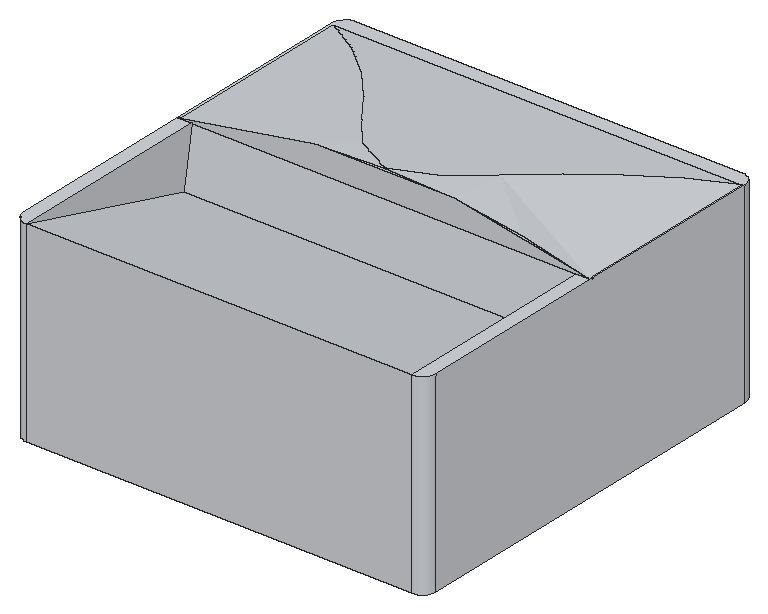
Revit family "2824201", category Lighting Fixtures, Revit 2017
Family settings
  Round Connector Dimension = Use Diameter
  Part Type = Normal
  OmniClass Number = 23.80.70.00
  OmniClass Title = Lighting
  Work Plane-Based = No
  Always vertical = Yes
  Cut with Voids When Loaded = No
  Light Source = Yes
  Shared = No
  Room Calculation Point = No
Parameters (values of type "2824201 MURO RECESSED SQUARE IP66 470LM 840 GR")
  Weight = "5.68 kg"
  Wattage = 9.2 W
  WarrantyStartDate [instance] = "n/a"
  WarrantyGuarantorParts = "n/a"
  WarrantyDurationUnit = "n/a"
  WarrantyDurationParts = "n/a"
  WarrantyDescription = "n/a"
  WIDTH_SYL = 92.5 mm
  built-in parameter 1150110 = 1 (stored number, unit not read)
  Voltage = 0 V
  URL = "http://www.sylvania-lighting.com"
  TypeName = "Muro Recessed Square IP66 470lm 840 Grey"
  built-in parameter 1114217 = 1 (stored number, unit not read)
  Tilt Angle = -90.00°
  built-in parameter 1150109 = 1 (stored number, unit not read)
  built-in parameter 1150134 = 12
  built-in parameter 1150113 = 1 (stored number, unit not read)
  SerialNumber [instance] = "n/a"
  PowerFactor = 0
  PowerConsumption = "9.2 W"
  Photometric Web File = "2824201_V2.IES"
  NominalWidth = 0 mm
  NominalLength = 185 mm
  NominalHeight = 100 mm
  Name = "Muro Recessed Square IP66 470lm 840 Grey"
  ModelReference = "Muro Recessed Square IP66 470lm 840 Grey"
  ModelNumber = "2824201"
  Model = "Muro Recessed Square IP66 470lm 840 Grey"
  Material_4_FEILO = none
  Material_3_FEILO = none
  Material_2_FEILO = none
  Material_1_FEILO = none
  Material = "n/a"
  ManufacturerName = "Feilo Sylvania"
  Manufacturer = "Feilo Sylvania"
  LuminousEfficacy = "51 lm/W"
  Lumens = 469.2 lm
  LuminaireType = ""
  built-in parameter 1150115 = 1 (stored number, unit not read)
  built-in parameter 1150105 = 377.52 (stored number, unit not read)
  LightOutputRatio = "n/a"
  built-in parameter 1150137 = (empty or 0)
  built-in parameter 1150139 = (empty or 0)
  LampsType = "LED"
  LampNominalLuminous = "470 lm"
  LampMacAdamStep = "3"
  LampColourTemperature = "4000 K"
  LampColourRenderingIndex = "80"
  built-in parameter 1150112 = 1 (stored number, unit not read)
  built-in parameter 1150114 = 1 (stored number, unit not read)
  Lamp = "LED"
  Keynote = "16500"
  InstallationDate [instance] = "n/a"
  InputVoltage = "n/a"
  InputNominalFrequency = "n/a"
  built-in parameter 1150132 = 2
  built-in parameter 1150102 = (empty or 0)
  built-in parameter 1150138 = (empty or 0)
  built-in parameter 1150107 = 4000 (stored number, unit not read)
  IngressProtection = "IP66"
  ImpactProtectionIndex = "IK08"
  built-in parameter 1150106 = 3.7752 (stored number, unit not read)
  IfcExportType = "IfcLightFixtureType"
  IfcExportAs = "IfcLightFixtureType"
  HEIGHT_SYL = 92.5 mm
  ElectricShockClassification = "Class I"
  built-in parameter 1150104 = 4.7381 (stored number, unit not read)
  DocumentationLiterature = "http://www.sylvania-lighting.com/product/en-int/products/2824201"
  DimmingControlOptions = "n/a"
  Dimming Lamp Color Temperature Shift = <None>
  Description = "-"
  DEPTH_SYL = 100 mm
  CreatedOn = "3/3/2021"
  CreatedBy = "@sylvania-lighting.com"
  Color Filter = 16777215
  ClassificationValue = "EF_70_80"
  ClassificationName = "Uniclass2015"
  CUT_WIDT_SYL = 4 mm
  CUT_DIST_SYL = 2 mm
  CUTDEPTH_SYL = 38 mm
  CHAMF_SYL = 6 mm
  BarCode [instance] = "n/a"
  built-in parameter 1114218 = 1 (stored number, unit not read)
  built-in parameter 1150133 = 10 (stored number, unit not read)
  AssetType = "Fixed"
  AssetIdentifier [instance] = "n/a"
  Assembly Code = "D5020200"
  Apparent Load = 9.2 VA
Types (2, lengths in mm): name | Wattage | TypeName | built-in parameter 1150134 | PowerConsumption | Photometric Web File | Name | ModelReference | ModelNumber | Model | LuminousEfficacy | Lumens | built-in parameter 1150105 | LampNominalLuminous | LampColourTemperature | built-in parameter 1150107 | built-in parameter 1150106 | built-in parameter 1150104 | DocumentationLiterature | Apparent Load
  2824200 MURO RECESSED SQUARE IP66 450LM 830 GR | 9.5 W | "Muro Recessed Square IP66 450lm 830 Grey" | (empty or 0) | "9.5 W" | "2824200_V1.IES" | "Muro Recessed Square IP66 450lm 830 Grey" | "Muro Recessed Square IP66 450lm 830 Grey" | "2824200" | "Muro Recessed Square IP66 450lm 830 Grey" | "47 lm/W" | 446.5 lm | 359.26 (stored number, unit not read) | "450 lm" | "3000 K" | 3000 (stored number, unit not read) | 3.5926 (stored number, unit not read) | 4.3664 (stored number, unit not read) | "http://www.sylvania-lighting.com/product/en-int/products/2824200" | 9.5 VA
  2824201 MURO RECESSED SQUARE IP66 470LM 840 GR | 9.2 W | "Muro Recessed Square IP66 470lm 840 Grey" | 12 | "9.2 W" | "2824201_V2.IES" | "Muro Recessed Square IP66 470lm 840 Grey" | "Muro Recessed Square IP66 470lm 840 Grey" | "2824201" | "Muro Recessed Square IP66 470lm 840 Grey" | "51 lm/W" | 469.2 lm | 377.52 (stored number, unit not read) | "470 lm" | "4000 K" | 4000 (stored number, unit not read) | 3.7752 (stored number, unit not read) | 4.7381 (stored number, unit not read) | "http://www.sylvania-lighting.com/product/en-int/products/2824201" | 9.2 VA
Reference planes
  plane 1 "Light Source Axis (F/B)": y = 0
  plane 2: z = 0
  plane 3 "Light Source Axis (L/R)": x = 0
  plane 4 "Light Source Elevation": z = -51.816
  plane 5: x = 92.5
  plane 6: x = -92.5
  plane 7: y = -92.5
  plane 8: y = 92.5
  plane 9: z = 100
  plane 10: y = 87.5
  plane 11: z = 62
  plane 12: y = -4
  plane 13: x = -86.5
  plane 14: x = 86.5
  plane 15: y = 86.5
  plane 16: y = -86.5
  plane 17: z = 98
  plane 18: y = 2
Forms (mm)
  Extrusion 1, solid
    sketch origin (0, 0, 0) x (1, 0, 0) y (0, 1, 0)
      loop
        arc (-86.584, 92.5) -> (-90.457, 91.083) -> (-92.5, 87.5) r 6
        line (-92.5, 87.5) -> (-92.5, -86.5)
        arc (-92.5, -86.5) -> (-90.743, -90.743) -> (-86.5, -92.5) r 6
        line (-86.5, -92.5) -> (86.5, -92.5)
        arc (86.5, -92.5) -> (90.743, -90.743) -> (92.5, -86.5) r 6
        line (92.5, -86.5) -> (92.5, 86.5)
        arc (92.5, 86.5) -> (90.743, 90.743) -> (86.5, 92.5) r 6
        line (86.5, 92.5) -> (-86.584, 92.5)
    from 0 to 87.6
  Extrusion 2, solid
    sketch origin (0, 0, 0) x (0, 1, 0) y (0, 0, 1)
      loop
        line (0, 100) -> (0, 87.5) -> (86.5, 87.5) -> (0, 100)
    from -92.5 to 92.5
  Extrusion 3, void
    sketch origin (0, 0, 0) x (0, 1, 0) y (0, 0, 1)
      loop
        line (2, 98) -> (-92.5, 87.6) -> (-4.491, 62) -> (2, 98)
    from -86.5 to 86.5
  Blend 4, void
    base sketch origin (0, 0, 0) x (1, 0, 0) y (0, 0, 1)
      loop
        arc (-92.5, 87.5) -> (0, 100) -> (92.5, 87.5) r 348.5
        line (92.5, 87.5) -> (92.5, 222.5) -> (-92.5, 222.5) -> (-92.5, 87.5)
    top sketch origin (0, 0, 0) x (1, 0, 0) y (0, 0, 1)
      loop
        arc (-92.5, 87.5) -> (0, 91.07) -> (92.5, 87.5) r 1200
        line (92.5, 87.5) -> (92.5, 182.5) -> (-92.5, 182.5) -> (-92.5, 87.5)
    from 0 to -86.5
Cuts and joins
  Extrusion 3 cuts Extrusion 1
  Blend 4 cuts Extrusion 2
Dimensions and locks
  "HEIGHT_SYL": plane 7 to plane 1 "Light Source Axis (F/B)" to plane 8
  "WIDTH_SYL": plane 6 to plane 3 "Light Source Axis (L/R)" to plane 5
  "DEPTH_SYL": level to plane 9
  "CUTDEPTH_SYL": plane 11 to plane 9
  "CUT_WIDT_SYL": plane 1 "Light Source Axis (F/B)" to plane 12
  "CHAMF_SYL": plane 7 to plane 16
  "CHAMF_SYL": plane 15 to plane 8
  "CHAMF_SYL": plane 6 to plane 13
  "CHAMF_SYL": plane 14 to plane 5
  "CUT_DIST_SYL": plane 17 to plane 9
  "CUT_DIST_SYL": plane 18 to plane 1 "Light Source Axis (F/B)"
  aligned and locked: level to plane 2
  aligned and locked: plane 8 to Extrusion 1 sketch curve
  aligned and locked: plane 6 to Extrusion 1 sketch curve
  aligned and locked: Extrusion 1 sketch curve to plane 7
  aligned and locked: Extrusion 1 sketch curve to plane 5
  aligned and locked: plane 5 to Extrusion 2
  aligned and locked: Extrusion 2 to plane 6
  aligned and locked: Extrusion 3 to plane 13
  aligned and locked: plane 14 to Extrusion 3
Automatic sketch dimensions
  plane 6 to Extrusion 1 sketch curve = 5.916 mm
  plane 6 to Extrusion 1 sketch curve = 6 mm
  Extrusion 1 sketch curve to plane 5 = 6 mm  (x2)
  Extrusion 1 sketch curve to Extrusion 1 sketch curve = 6 mm
  Extrusion 2 sketch curve to plane 1 "Light Source Axis (F/B)" = 0 mm
  plane 9 to Extrusion 2 sketch curve = 0 mm
  plane 10 to Extrusion 2 sketch curve = 1 mm
  Extrusion 2 sketch curve to Extrusion 2 sketch curve = 12.5 mm
  Extrusion 3 sketch curve to plane 7 = 0 mm
  plane 11 to Extrusion 3 sketch curve = 0 mm
  plane 17 to Extrusion 3 sketch curve = 0 mm
  Extrusion 3 sketch curve to plane 18 = 0 mm
  plane 12 to Extrusion 3 sketch curve = 0.491 mm
  plane 17 to Extrusion 3 sketch curve = 10.4 mm
  Blend 4 sketch curve to plane 6 = 0 mm  (x2)
  Blend 4 sketch curve to plane 3 "Light Source Axis (L/R)" = 0 mm
  Blend 4 sketch curve to plane 5 = 0 mm  (x2)
  Blend 4 sketch curve to level = 248.5 mm
  plane 17 to Blend 4 sketch curve = 10.5 mm  (x2)
  Blend 4 sketch curve to plane 9 = 122.5 mm
  plane 3 "Light Source Axis (L/R)" to Blend 4 sketch curve = 0 mm
  Blend 4 sketch curve to level = 1108.93 mm
  Blend 4 sketch curve to plane 9 = 82.5 mm
